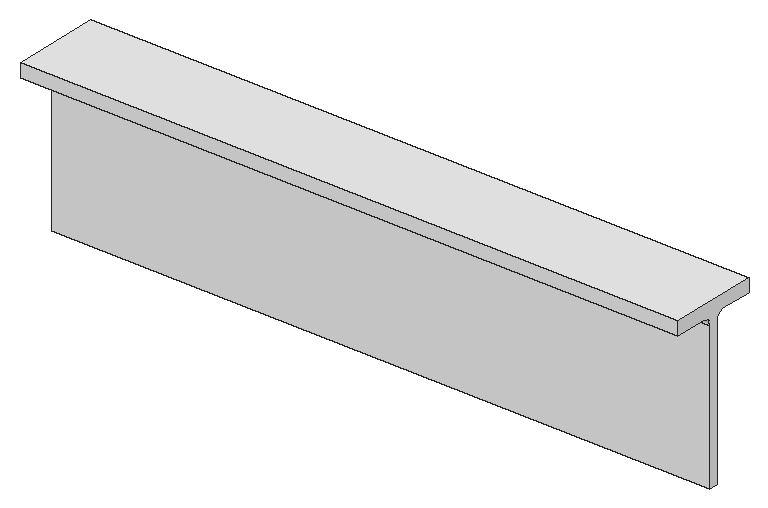
Revit family "UCT-T estrutural", category Quadro estrutural, Revit 2019
Family settings
  Arredondamento do comprimento do framing estrutural = 0 mm
  Forma do corte = Não definido
  Material para o comportamento do modelo = Aço
  Exportar sempre como geometria = Não
  Número OmniClass = 23.25.30.11.14.14
  Título OmniClass = Beams
  ID de item do Seek = UCT-Structural Tee-0000-CAN-ENU
  Sempre na vertical = Sim
  Corte com vazios quando carregada = Não
  Representação simbólica = Das configurações de projeto
  Compartilhado = Não
  Exibir o pré-corte da família na vista da planta = Sim
Parameters (values of type "305x152x79UCT")
  W = 0
  Structural Material [instance] = Aço, 45-345
  Assembly Code = ""
  Ix = 1532
  Length [instance] = 1524 mm
  M = 79
  Zx = 503
  b = 163.5 mm
  h = 311.2 mm
  r = 15.2 mm
  s = 15.8 mm
  t = 25 mm
  A = 0.01 m²
Reference planes
  plane 1 "Centro (Frente/Trás)": y = 0
  plane 2: z = 0
  plane 3 "Centro (Esquerda/Direita)": x = 4.61
  plane 4 "Membro esquerdo": x = -604.99
  plane 5 "Membro direito": x = 614.21
  plane 6: y = 81.75
  plane 7: y = -81.75
  plane 8 "Superior": z = 155.6
  plane 9: z = -155.6
  plane 10 "Esquerda": x = -757.39
  plane 11 "Direita": x = 766.61
Forms (mm)
  Sweep 1, solid, material "Aço, 45-345" <- "Structural Material", detail levels fine
    path origin (0, 0, 0) x (1, 0, 0) y (0, 1, 0)
      loop
        line (614.21, 0) -> (-604.99, 0)
    profile "M_T estrutural-Perfil-Alto : M_T estrutural-Perfil-Alto" origin (4.61, 0, 0) x (0, -1, 0) y (0, 0, 1)
      loop
        line (-81.75, 155.6) -> (-81.75, 130.6) -> (-23.1, 130.6)
        arc (-23.1, 130.6) -> (-12.352, 126.148) -> (-7.9, 115.4) r 15.2
        line (-7.9, 115.4) -> (-7.9, -155.6) -> (7.9, -155.6) -> (7.9, 115.4)
        arc (7.9, 115.4) -> (12.352, 126.148) -> (23.1, 130.6) r 15.2
        line (23.1, 130.6) -> (81.75, 130.6) -> (81.75, 155.6) -> (-81.75, 155.6)
  Sweep 2, solid, material "Aço, 45-345" <- "Structural Material", detail levels medium
    path origin (0, 0, 0) x (1, 0, 0) y (0, 1, 0)
      loop
        line (614.21, 0) -> (-604.99, 0)
    profile "M_T estrutural-Perfil-Médio : M_T estrutural-Perfil-Médio" origin (4.61, 0, 0) x (0, -1, 0) y (0, 0, 1)
      loop
        line (-81.75, 155.6) -> (-81.75, 130.6) -> (-7.9, 130.6) -> (-7.9, -155.6) -> (7.9, -155.6) -> (7.9, 130.6) -> (81.75, 130.6) -> (81.75, 155.6) -> (-81.75, 155.6)
Lines and regions (mm)
  symbolic lines, style "Faces ocultas", detail levels medium+fine
    curve 1: line (614.21, -7.9, 0) -> (-604.99, -7.9, 0)
    curve 2: line (614.21, 7.9, 0) -> (-604.99, 7.9, 0)
  symbolic lines, style "Símbolos de vara", detail levels coarse
    curve 3: line (4.61, 0, 155.6) -> (4.61, 0, -155.6)
    curve 4: line (4.61, 81.75, 155.6) -> (4.61, -81.75, 155.6)
Dimensions and locks
  "b": plane 6 to plane 7
  "h": plane 9 to plane 8 "Superior"
  equal spacing: plane 9, plane 2, plane 8 "Superior"
  equal spacing: plane 6, plane 1 "Centro (Frente/Trás)", plane 7
  "Length": plane 10 "Esquerda" to plane 11 "Direita"
  aligned and locked: Sweep 1 sketch curve to plane 1 "Centro (Frente/Trás)"
  aligned and locked: Sweep 2 sketch curve to plane 1 "Centro (Frente/Trás)"
  aligned and locked: curve 3 to Sweep 1
  aligned and locked: Sweep 2 to curve 4  (x2)
  aligned and locked: curve 4 to Sweep 2
  aligned and locked: plane 4 "Membro esquerdo" to Sweep 2 sketch curve
  aligned and locked: plane 5 "Membro direito" to Sweep 2 sketch curve
  aligned and locked: plane 4 "Membro esquerdo" to Sweep 1 sketch curve
  aligned and locked: plane 5 "Membro direito" to Sweep 1 sketch curve
  aligned and locked: plane 4 "Membro esquerdo" to curve 2
  aligned and locked: plane 4 "Membro esquerdo" to curve 1
  aligned and locked: plane 5 "Membro direito" to curve 2
  aligned and locked: plane 5 "Membro direito" to curve 1
Automatic sketch dimensions
  curve 2 to plane 1 "Centro (Frente/Trás)" = 7.9 mm
  plane 1 "Centro (Frente/Trás)" to curve 1 = 7.9 mm
  curve 3 to plane 1 "Centro (Frente/Trás)" = 0 mm
Types in the file's own list only (20): name | Ix | M | Zx | b | h | r | s | t | A
  406x178x118UCT | 2863 | 117.5 | 843 | 190 mm | 395 mm | 15 mm | 18 mm | 30 mm | 0.02 m²
  368x178x101UCT | 2463 | 100.9 | 749 | 187 mm | 375 mm | 15 mm | 17 mm | 27 mm | 0.01 m²
  368x178x89UCT | 2085 | 88.5 | 676 | 184 mm | 373 mm | 15 mm | 14 mm | 24 mm | 0.01 m²
  368x178x77UCT | 1732 | 76.5 | 601 | 181 mm | 371 mm | 15 mm | 12 mm | 21 mm | 0.01 m²
  368x178x65UCT | 1419 | 64.5 | 527 | 178 mm | 369 mm | 15 mm | 10 mm | 18 mm | 0.01 m²
  305x152x69UCT | 1286 | 68.5 | 450 | 160 mm | 309 mm | 15 mm | 14 mm | 22 mm | 0.01 m²
  305x152x59UCT | 1079 | 58.9 | 401 | 157 mm | 307 mm | 15 mm | 12 mm | 19 mm | 0.01 m²
  305x152x49UCT | 858 | 48.4 | 343 | 154 mm | 305 mm | 15 mm | 10 mm | 15 mm | 0.01 m²
  254x127x66UCT | 871 | 66 | 323 | 138 mm | 261 mm | 13 mm | 15 mm | 25 mm | 0.01 m²
  254x127x54UCT | 676 | 53.5 | 276 | 133 mm | 259 mm | 13 mm | 13 mm | 21 mm | 0.01 m²
  254x127x45UCT | 524 | 44.5 | 237 | 130 mm | 256 mm | 13 mm | 10 mm | 17 mm | 0.01 m²
  254x127x37UCT | 417 | 36.5 | 204 | 127 mm | 255 mm | 13 mm | 9 mm | 14 mm | 0.00 m²
  203x102x43UCT | 373 | 43 | 169 | 111 mm | 209 mm | 10 mm | 13 mm | 21 mm | 0.01 m²
  203x102x36UCT | 280 | 35.5 | 143 | 108 mm | 206 mm | 10 mm | 10 mm | 17 mm | 0.00 m²
  203x102x30UCT | 244 | 30 | 129 | 105 mm | 206 mm | 10 mm | 9 mm | 14 mm | 0.00 m²
  203x102x26UCT | 200 | 26 | 115 | 103 mm | 204 mm | 10 mm | 8 mm | 13 mm | 0.00 m²
  203x102x23UCT | 177 | 23 | 105 | 102 mm | 204 mm | 10 mm | 7 mm | 11 mm | 0.00 m²
  152x76x19UCT | 93.1 | 18.5 | 60.7 | 81 mm | 154 mm | 8 mm | 8 mm | 12 mm | 0.00 m²
  152x76x15UCT | 72.2 | 15 | 51.4 | 79 mm | 153 mm | 8 mm | 7 mm | 9 mm | 0.00 m²
  152x76x12UCT | 58.5 | 11.5 | 41.9 | 76 mm | 152 mm | 8 mm | 6 mm | 7 mm | 0.00 m²
